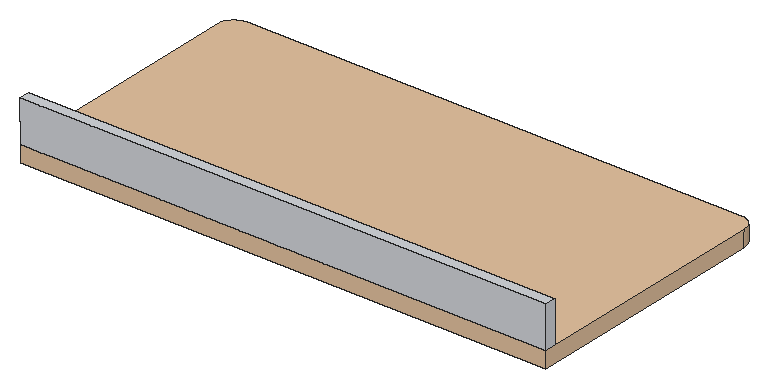
Revit family
Parameters (values of type "24"")
  Width = 0"
  Start Side Splash [instance] = and(Start Overhang = 0", (Backsplash))  # no
  Start Radius [instance] = if(Start Overhang < 1/4", 1/32", 1 1/2")  # 1 1/2"
  Start Overhang [instance] = 1"
  SR [instance] = Start Radius = 1 1/2"  # yes
  Length [instance] = 48"
  Height = 36"
  End Side Splash [instance] = and(End Overhang = 0", (Backsplash))  # no
  End Radius [instance] = if(End Overhang < 1/4", 1/32", 1 1/2")  # 1 1/2"
  End Overhang [instance] = 1"
  ER [instance] = End Radius = 1 1/2"  # yes
  Depth = 24"
  Counter Top Material = Laminate
  Counter Thickness = -1 1/2"
  Backsplash [instance] = yes
  Assembly Code = ""
Types (5): name | Depth
  24" | 24"
  20" | 20"
  30" | 30"
  18" | 18"
  12" | 12"
Reference planes (in)
  plane 1: y = 0
  plane 2 "Center (Left/Right)": x = 0
  plane 3 "Wall Edge": y = 3
  plane 4 "Top of Counter": z = 36
  plane 5 "Right": x = -24
  plane 6 "Left": x = 24
  plane 7: y = 27
Forms (in)
  Extrusion 1, solid, material "Laminate" <- "Counter Top Material"
    sketch origin (49.10802, 9, 36) x (1, 0, 0) y (0, 1, 0)
      loop
        line (-74.10802, -6) -> (-24.10802, -6) -> (-24.10802, 17.5)
        arc (-24.10802, 17.5) -> (-24.54736, 18.56066) -> (-25.60802, 19) r 1.5
        line (-25.60802, 19) -> (-72.60802, 19)
        arc (-72.60802, 19) -> (-73.66868, 18.56066) -> (-74.10802, 17.5) r 1.5
        line (-74.10802, 17.5) -> (-74.10802, -6)
    from 0 to -1.5 <- "Counter Thickness"
  Extrusion 2, solid, visible <- "Backsplash"
    sketch origin (49.10802, 9, 36) x (1, 0, 0) y (0, 1, 0)
      loop
        line (-74.10802, -6) -> (-24.10802, -6) -> (-24.10802, -5) -> (-74.10802, -5) -> (-74.10802, -6)
    from 0 to 4
  Extrusion 3, solid, visible <- "End Side Splash"
    sketch origin (49.10802, 9, 36) x (1, 0, 0) y (0, 1, 0)
      loop
        line (-73.10802, -5) -> (-72.10802, -5) -> (-72.10802, 19) -> (-73.10802, 19) -> (-73.10802, -5)
    from 0 to 4
  Extrusion 4, solid, visible <- "Start Side Splash"
    sketch origin (-49.10802, 9, 36) x (-1, 0, 0) y (0, -1, 0)
      loop
        line (-73.10802, 5) -> (-73.10802, -19) -> (-72.10802, -19) -> (-72.10802, 5) -> (-73.10802, 5)
    from 0 to 4
Lines and regions (in)
  symbolic lines, style "Counter Top"
    curve 1: line (-25, 26.5, 36) -> (-25, 3, 36)
    curve 2: arc (-23.5, 28, 36) -> (-24.56066, 27.56066, 36) -> (-25, 26.5, 36) r 1.5
    curve 3: line (23.5, 28, 36) -> (-23.5, 28, 36)
    curve 4: arc (25, 26.5, 36) -> (24.56066, 27.56066, 36) -> (23.5, 28, 36) r 1.5
    curve 5: line (25, 3, 36) -> (25, 26.5, 36)
    curve 6: line (-25, 3, 36) -> (25, 3, 36)
  symbolic lines, style "Counter Top", visible <- "Backsplash"
    curve 7: line (0, 4, 36) -> (0, 4, 40)
    curve 8: line (0, 4, 40) -> (0, 3, 40)
Text (in)
  text "Placement Side" at (0, 40.15149, 123.01588), in view "Right"
  text "Placement Side" at (-104.78066, 48.55277, 0), in view "Ref. Level"
  text "Placement Side" at (0, 81.62555, 140.59947), in view "Left"
Dimensions and locks (in)
  locked: plane 3 "Wall Edge" to host wall
  equal spacing: plane 5 "Right", plane 2 "Center (Left/Right)", plane 6 "Left"
  "Length": plane 5 "Right" to plane 6 "Left"
  "Depth": plane 3 "Wall Edge" to plane 7
  locked: plane 7 to Extrusion 1 sketch curve at 1
  "Start Overhang": plane 6 "Left" to Extrusion 1 sketch curve
  "End Overhang": Extrusion 1 sketch curve to plane 5 "Right"
  "End Overhang": Extrusion 1 to plane 5 "Right"
  Extrusion 3 sketch curve to Extrusion 3 sketch curve = 1"
  "Start Overhang": plane 6 "Left" to Extrusion 1
  Extrusion 4 sketch curve to Extrusion 4 sketch curve = 1"
  "End Radius": radius of Extrusion 1 sketch curve
  "Start Radius": radius of Extrusion 1 sketch curve
  aligned and locked: Extrusion 1 sketch curve to plane 3 "Wall Edge"
  aligned and locked: curve 2 to Extrusion 1
  aligned and locked: curve 4 to Extrusion 1
  aligned and locked: curve 5 to Extrusion 1
  aligned and locked: Extrusion 1 to Extrusion 2 sketch curve
  aligned and locked: Extrusion 2 sketch curve to Extrusion 1
  aligned and locked: plane 5 "Right" to Extrusion 3 sketch curve
  aligned and locked: Extrusion 3 sketch curve to Extrusion 2
  aligned and locked: Extrusion 1 to Extrusion 3 sketch curve
  aligned and locked: Extrusion 4 sketch curve to Extrusion 1
  aligned and locked: Extrusion 4 sketch curve to plane 6 "Left"
  aligned and locked: Extrusion 2 to Extrusion 4 sketch curve
Automatic sketch dimensions
  curve 8 to host wall = 0"
  curve 7 to plane 4 "Top of Counter" = 0"
  host wall to curve 8 = 1"
  plane 4 "Top of Counter" to curve 8 = 4"
  curve 1 to host wall = 0"
  Extrusion 2 sketch curve to host wall = 0"
  host wall to Extrusion 2 sketch curve = 1"
